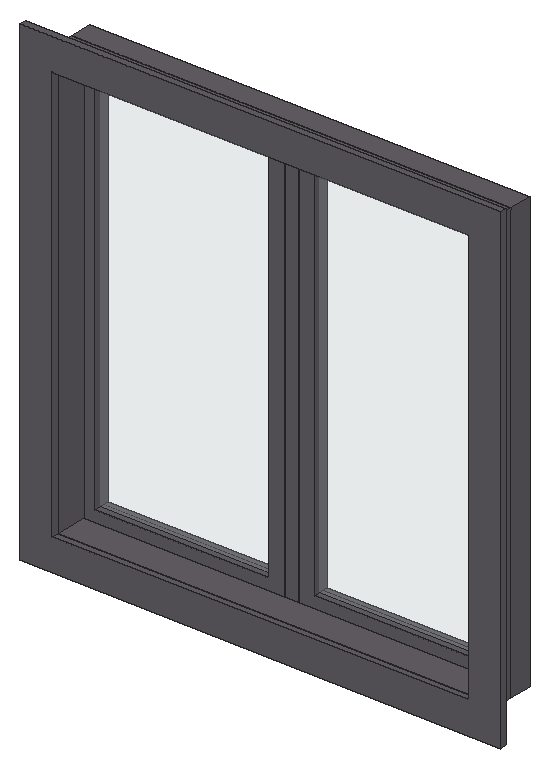
Revit family "NO TRIM SLIDER", category Windows, host Wall, Revit 2022
Family settings
  Host = Wall
  OmniClass Number = 23.30.20.17.21.14
  OmniClass Title = Casement Windows
  Always vertical = Yes
  Cut with Voids When Loaded = No
  Shared = No
  Room Calculation Point = No
Parameters (values of type "48" x 48"")
  WidthReal = Width / 1' 0"  # 4
  WidthInches = rounddown(12 * (WidthReal - WidthFeet))  # 0
  WidthFeet = rounddown(WidthReal)  # 4
  Visual Light Transmittance = 0.9
  Thermal Resistance (R) = 1.53941 (h·ft²·°F)/BTU
  Solar Heat Gain Coefficient = 0.78
  Model = "A272"
  Manufacturer = "ALPINE"
  HeightReal = Height / 1' 0"  # 4
  HeightInches = rounddown(12 * (HeightReal - HeightFeet))  # 0
  HeightFeet = rounddown(HeightReal)  # 4
  Direction [instance] = yes
  Description = ""
  Define Thermal Properties by = Schematic Type
  Construction Type Id = "GSP4R"
  Heat Transfer Coefficient (U) = 0.6496 BTU/(h·ft²·°F)
  Assembly Code = "B2020100"
  Glass Pane Material = Glass
  Height = 4' - 0"
  Sash Material = Metal - Black Matte
  Default Sill Height = 3' - 0"
  Trim Exterior Material = Wood - Matte Black
  Trim Interior Material = Wood - Matte Black
  Trim Projection - Ext. = 0' - 0 1/2"
  Trim Projection - Int. = 0' - 0 3/4"
  Trim Width - Exterior = 0' - 5 1/2"
  Trim Width - Interior = 0' - 3 1/2"
  Wall Closure = By host
  Width = 4' - 0"
  Window Inset = 0' - 0 3/4"
  Analytic Construction = "1/8 in Pilkington single glazing"
Reference planes (in)
  plane 1: y = 0
  plane 2: z = 0
  plane 3 "Center": x = 0
  plane 4 "Left": x = -24
  plane 5 "Right": x = 24
  plane 6 "Sill": z = 36
  plane 7 "Top": z = 84
  plane 8: y = 3.75
  plane 9: y = -2.25
  plane 10: y = 3
  plane 11 "Top": z = 60
  plane 12: x = -22.75
  plane 13: x = -28.75
  plane 14: x = -26.25
  plane 15: x = 22.75
  plane 16: x = 28.75
  plane 17: x = 26.25
  plane 18: x = 23.25
  plane 19: x = -23.25
  plane 20: z = 88.75
  plane 21: z = 86.25
  plane 22: z = 83.25
  plane 23: z = 82.75
  plane 24: z = 37.25
  plane 25: z = 33.75
  plane 26 "Closure": y = 1.875
  plane 27: y = 5.75
  plane 28: z = 90.75
  plane 29: x = 30.75
  plane 30: x = -30.75
Forms (in)
  Extrusion 1, solid, material "Metal - Black Matte" <- "Sash Material"
    sketch origin (0, 0, 0) x (1, 0, 0) y (0, 0, 1)
      loop
        line (-24, 84) -> (-24, 36) -> (24, 36) -> (24, 84) -> (-24, 84)
      loop
        line (-23.25, 83.25) -> (-23.25, 36.75) -> (23.25, 36.75) -> (23.25, 83.25) -> (-23.25, 83.25)
    from -3.75 to -1.25
  Extrusion 2, solid, material "Metal - Black Matte" <- "Sash Material"
    sketch origin (0, 0, 0) x (-1, 0, 0) y (0, 0, 1)
      loop
        line (-24, 84) -> (-24, 36) -> (24, 36) -> (24, 84) -> (-24, 84)
      loop
        line (-22.75, 82.75) -> (-22.75, 37.25) -> (22.75, 37.25) -> (22.75, 82.75) -> (-22.75, 82.75)
    from 1.25 to -2.25
  Extrusion 3, solid, material "Metal - Black Matte" <- "Sash Material"
    sketch origin (0, 0, 0) x (-1, 0, 0) y (0, 0, 1)
      loop
        line (0.75, 83.25) -> (0.75, 36.75) -> (23.25, 36.75) -> (23.25, 83.25) -> (0.75, 83.25)
      loop
        line (2.5, 81.5) -> (2.5, 38.5) -> (21.5, 38.5) -> (21.5, 81.5) -> (2.5, 81.5)
    from 1.25 to 3
  Extrusion 4, solid, material "Glass" <- "Glass Pane Material"
    sketch origin (-4.9201, 0, -4.60771) x (1, 0, 0) y (0, 0, 1)
      loop
        line (-16.5799, 86.10771) -> (-16.5799, 43.10771) -> (2.4201, 43.10771) -> (2.4201, 86.10771) -> (-16.5799, 86.10771)
    from -2.375 to -1.875
  Extrusion 5, solid, material "Wood - Matte Black" <- "Trim Interior Material"
    sketch origin (0, 0, 0) x (1, 0, 0) y (0, 0, 1)
      loop
        line (-22.75, 82.75) -> (-22.75, 37.25) -> (22.75, 37.25) -> (22.75, 82.75) -> (-22.75, 82.75)
      loop
        line (-26.25, 86.25) -> (-26.25, 33.75) -> (26.25, 33.75) -> (26.25, 86.25) -> (-26.25, 86.25)
    from 2.25 to 3
  Extrusion 6, solid, material "Metal - Black Matte" <- "Sash Material"
    sketch origin (0, 0, 0) x (1, 0, 0) y (0, 0, 1)
      loop
        line (-0.75, 83.25) -> (-0.75, 36.75) -> (0.75, 36.75) -> (0.75, 83.25) -> (-0.75, 83.25)
    from -3.75 to -1.25
  Extrusion 7, solid, material "Metal - Black Matte" <- "Sash Material"
    sketch origin (0, 0, 0) x (-1, 0, 0) y (0, 0, 1)
      loop
        line (-23.25, 83.25) -> (-23.25, 36.75) -> (-0.75, 36.75) -> (-0.75, 83.25) -> (-23.25, 83.25)
      loop
        line (-21.5, 81.5) -> (-21.5, 38.5) -> (-2.5, 38.5) -> (-2.5, 81.5) -> (-21.5, 81.5)
    from 1.25 to 3
  Extrusion 8, solid, material "Metal - Black Matte" <- "Sash Material"
    sketch origin (-24, 0, 0) x (-1, 0, 0) y (0, 0, 1)
      loop
        line (-23.25, 83.25) -> (-23.25, 36.75) -> (-0.75, 36.75) -> (-0.75, 83.25) -> (-23.25, 83.25)
      loop
        line (-21.5, 81.5) -> (-21.5, 38.5) -> (-2.5, 38.5) -> (-2.5, 81.5) -> (-21.5, 81.5)
    from 1.25 to 3
  Extrusion 9, solid, material "Glass" <- "Glass Pane Material"
    sketch origin (19.0799, 0, -4.60771) x (1, 0, 0) y (0, 0, 1)
      loop
        line (-16.5799, 86.10771) -> (-16.5799, 43.10771) -> (2.4201, 43.10771) -> (2.4201, 86.10771) -> (-16.5799, 86.10771)
    from -2.375 to -1.875
Lines and regions (in)
  Opening 1
    outline origin (-60, -2.25, 0) x (1, 0, 0) y (0, 0, 1)
      loop
        line (36, 84) -> (36, 36) -> (84, 36) -> (84, 84) -> (36, 84)
  Masking region 1
    outline origin (0, 0, 0) x (1, 0, 0) y (0, 1, 0)
      loop
        line (-24, 5.75) -> (-24, -2.25) -> (24, -2.25) -> (24, 5.75) -> (-24, 5.75)
  symbolic lines, style "WindowsFrameMullionProjection"
    curve 1: line (-24, 3.75, 0) -> (-23.25, 3.75, 0)
    curve 2: line (-23.25, 1.25, 0) -> (-23.25, 3.75, 0)
    curve 3: line (-23.25, 1.25, 0) -> (-22.75, 1.25, 0)
    curve 4: line (-22.75, -2.25, 0) -> (-22.75, 1.25, 0)
    curve 5: line (24, 3.75, 0) -> (23.25, 3.75, 0)
    curve 6: line (22.75, 1.25, 0) -> (22.75, -2.25, 0)
    curve 7: line (23.25, 1.25, 0) -> (23.25, 3.75, 0)
    curve 8: line (-23.25, 3, 0) -> (-21.5, 3, 0)
    curve 9: line (-23.25, 3, 0) -> (-23.25, 1.25, 0)
    curve 10: line (-23.25, 1.25, 0) -> (-21.5, 1.25, 0)
    curve 11: line (-21.5, 3, 0) -> (-21.5, 1.25, 0)
    curve 12: line (23.25, 3, 0) -> (21.5, 3, 0)
    curve 13: line (23.25, 3, 0) -> (23.25, 1.25, 0)
    curve 14: line (23.25, 1.25, 0) -> (21.5, 1.25, 0)
    curve 15: line (21.5, 3, 0) -> (21.5, 1.25, 0)
    curve 16: line (-22.75, -2.25, 0) -> (-24, -2.25, 0)
    curve 17: line (22.75, -2.25, 0) -> (24, -2.25, 0)
    curve 18: line (-0.75, 3.75, 0) -> (0.75, 3.75, 0)
    curve 19: line (-0.75, 3.75, 0) -> (-0.75, 1.25, 0)
    curve 20: line (-0.75, 1.25, 0) -> (0.75, 1.25, 0)
    curve 21: line (0.75, 3.75, 0) -> (0.75, 1.25, 0)
    curve 22: line (-2.5, 3, 0) -> (-0.75, 3, 0)
    curve 23: line (-2.5, 3, 0) -> (-2.5, 1.25, 0)
    curve 24: line (-2.5, 1.25, 0) -> (-0.75, 1.25, 0)
    curve 25: line (-0.75, 3, 0) -> (-0.75, 1.25, 0)
    curve 26: line (2.5, 3, 0) -> (0.75, 3, 0)
    curve 27: line (2.5, 3, 0) -> (2.5, 1.25, 0)
    curve 28: line (2.5, 1.25, 0) -> (0.75, 1.25, 0)
    curve 29: line (0.75, 3, 0) -> (0.75, 1.25, 0)
    curve 30: line (2.5, 2.87095, 0) -> (21.5, 2.87095, 0)
    curve 31: line (2.5, 1.37905, 0) -> (21.5, 1.37905, 0)
    curve 32: line (-21.5, 2.87095, 0) -> (-2.5, 2.87095, 0)
    curve 33: line (-21.5, 1.37905, 0) -> (-2.5, 1.37905, 0)
  reference lines
    curve 34: line (12, 3, 81.5) -> (12, 3, 38.5)
  symbolic lines, visible <- "Direction"
    curve 35: line (9.5, 3, 60.00881) -> (5.5, 3, 60.00881)
  symbolic lines, style "Windows", visible <- "Direction"
    curve 36: line (9.44997, 3, 60) -> (18.5, 3, 60)
  symbolic lines, style "InvisibleLines"
    curve 37: line (18.5, 3, 61.93858) -> (18.5, 3, 60)
    curve 38: line (5.5, 3, 64.50881) -> (5.5, 3, 57.1326)
Text (in)
  text "EXTERIOR" at (-56.58296, 30.41546, 0), in view "Floor Line"
  text "INTERIOR" at (-56.58296, -26.23388, 0), in view "Floor Line"
  text "Exterior" at (0, 43.65631, 134.44969), in view "Left"
  text "Exterior" at (0, 18.29385, 125.04747), in view "Right"
Dimensions and locks (in)
  equal spacing: plane 4 "Left", plane 3 "Center", plane 5 "Right"
  "Width": plane 4 "Left" to plane 5 "Right"
  plane 2 to plane 25 to plane 6 "Sill" to plane 11 "Top" to plane 7 "Top" = 2' - 9 3/4", 0' - 2 1/4", 2' - 0", 2' - 0"
  "Window Inset": plane 8 to plane 10
  locked: plane 10 to Extrusion 3 at 1.75
  locked: plane 10 to Extrusion 4 at 0.625
  locked: Extrusion 4 to Extrusion 4 at 0.5
  "Trim Projection - Int.": Extrusion 5 to Extrusion 5
  equal spacing: plane 6 "Sill", plane 11 "Top", plane 7 "Top"
  locked: Extrusion 7 to Extrusion 6 at 0.75
  locked: plane 4 "Left" to plane 19 at 0.75
  locked: plane 18 to plane 5 "Right" at 0.75
  locked: plane 15 to plane 5 "Right" at 1.25
  locked: plane 4 "Left" to plane 12 at 1.25
  locked: plane 22 to plane 7 "Top" at 0.75
  "Trim Width - Exterior": plane 22 to plane 20
  "Trim Width - Exterior": plane 18 to plane 16
  "Trim Width - Exterior": plane 13 to plane 19
  locked: plane 7 "Top" to plane 23 at 1.25
  locked: plane 24 to plane 6 "Sill" at 1.25
  "Trim Width - Interior": plane 21 to plane 23
  "Trim Width - Interior": plane 24 to plane 25
  "Trim Width - Interior": plane 14 to plane 12
  "Trim Width - Interior": plane 15 to plane 17
  "Height": plane 7 "Top" to plane 6 "Sill"
  "Default Sill Height": plane 6 "Sill" to plane 2
  locked: plane 26 "Closure" to plane 10 at 1.125
  curve 37 to Extrusion 7 = 0' - 3"
  equal spacing: Extrusion 7, curve 36, Extrusion 7
  curve 38 to Extrusion 7 = 0' - 3"
  plane 18 to plane 16 = 0' - 5 1/2"
  locked: Extrusion 9 to Extrusion 9 at 0.5
  aligned and locked: plane 7 "Top" to Opening 1 sketch curve
  aligned and locked: plane 6 "Sill" to Opening 1 sketch curve  (x2)
  aligned and locked: plane 5 "Right" to Opening 1 sketch curve
  aligned and locked: plane 4 "Left" to Opening 1 sketch curve
  aligned and locked: plane 9 to host wall
  aligned and locked: host wall to Extrusion 2
  aligned and locked: plane 10 to Extrusion 3
  aligned and locked: plane 8 to host wall
  aligned and locked: host wall to Extrusion 1
  aligned and locked: Extrusion 2 to Extrusion 1
  aligned and locked: Extrusion 1 to Extrusion 3
  aligned and locked: Extrusion 4 sketch curve to Extrusion 3  (x4)
  aligned and locked: Extrusion 1 to curve 10
  aligned and locked: Extrusion 5 sketch curve to Extrusion 2  (x4)
  aligned and locked: Extrusion 5 to host wall
  aligned and locked: Extrusion 1 to Extrusion 6 sketch curve  (x2)
  aligned and locked: Extrusion 3 sketch curve to Extrusion 6
  aligned and locked: Extrusion 7 sketch curve to Extrusion 1  (x2)
  aligned and locked: Extrusion 7 sketch curve to Extrusion 6  (x2)
  aligned and locked: Extrusion 1 to Extrusion 6
  aligned and locked: Extrusion 7 to Extrusion 3
  aligned and locked: Extrusion 1 to Extrusion 7
  aligned and locked: curve 18 to Extrusion 6  (x2)
  aligned and locked: curve 21 to Extrusion 6  (x2)
  aligned and locked: curve 15 to Extrusion 7
  aligned and locked: Extrusion 1 to curve 13
  aligned and locked: Extrusion 2 to curve 6
  aligned and locked: curve 7 to Extrusion 1
  aligned and locked: Extrusion 2 to curve 17
  aligned and locked: curve 11 to Extrusion 3
  aligned and locked: Extrusion 3 to curve 9
  aligned and locked: curve 2 to Extrusion 1
  aligned and locked: curve 1 to Extrusion 1
  aligned and locked: curve 14 to Extrusion 1
Automatic sketch dimensions
  curve 1 to plane 4 "Left" = 0' - 0"
  host wall to curve 16 = 0' - 0"
  curve 16 to plane 4 "Left" = 0' - 0"
  curve 3 to plane 12 = 0' - 0"
  curve 22 to plane 10 = 0' - 0"
  curve 26 to plane 10 = 0' - 0"
  curve 17 to plane 5 "Right" = 0' - 0"
  curve 5 to host wall = 0' - 0"
  curve 5 to plane 5 "Right" = 0' - 0"
  curve 15 to plane 10 = 0' - 0"
  curve 11 to plane 10 = 0' - 0"
  curve 24 to curve 19 = 0' - 1 3/4"
  curve 20 to curve 27 = 0' - 1 3/4"
  curve 23 to curve 33 = 0' - 0.12905"
  curve 14 to curve 31 = 0' - 0.12905"
  curve 32 to curve 8 = 0' - 0.12905"
  curve 30 to curve 12 = 0' - 0.12905"
  plane 4 "Left" to Extrusion 1 sketch curve = 0' - 0"
  plane 19 to Extrusion 1 sketch curve = 0' - 0"
  plane 18 to Extrusion 1 sketch curve = 0' - 0"
  plane 5 "Right" to Extrusion 1 sketch curve = 0' - 0"
  Extrusion 1 sketch curve to plane 6 "Sill" = 0' - 0"
  Extrusion 1 sketch curve to plane 22 = 0' - 0"
  Extrusion 1 sketch curve to plane 7 "Top" = 0' - 0"
  plane 24 to Extrusion 1 sketch curve = 0' - 0 1/2"
  plane 5 "Right" to Extrusion 2 sketch curve = 0' - 0"
  plane 15 to Extrusion 2 sketch curve = 0' - 0"
  plane 12 to Extrusion 2 sketch curve = 0' - 0"
  plane 4 "Left" to Extrusion 2 sketch curve = 0' - 0"
  Extrusion 2 sketch curve to plane 6 "Sill" = 0' - 0"
  Extrusion 2 sketch curve to plane 24 = 0' - 0"
  Extrusion 2 sketch curve to plane 23 = 0' - 0"
  Extrusion 2 sketch curve to plane 7 "Top" = 0' - 0"
  plane 19 to Extrusion 3 sketch curve = 0' - 0"
  Extrusion 3 sketch curve to plane 22 = 0' - 0"
  Extrusion 3 sketch curve to Extrusion 3 sketch curve = 0' - 1 3/4"
  Extrusion 3 sketch curve to plane 12 = 0' - 1 1/4"
  plane 23 to Extrusion 3 sketch curve = 0' - 1 1/4"
  Extrusion 3 sketch curve to plane 24 = 0' - 1 1/4"
  plane 24 to Extrusion 3 sketch curve = 0' - 0 1/2"
  plane 14 to Extrusion 5 sketch curve = 0' - 0"
  plane 17 to Extrusion 5 sketch curve = 0' - 0"
  Extrusion 5 sketch curve to plane 25 = 0' - 0"
  Extrusion 5 sketch curve to plane 21 = 0' - 0"
  Extrusion 6 sketch curve to plane 3 "Center" = 0' - 0 3/4"
  plane 3 "Center" to Extrusion 6 sketch curve = 0' - 0 3/4"
  plane 15 to Extrusion 7 sketch curve = 0' - 1 1/4"
  Extrusion 7 sketch curve to Extrusion 7 sketch curve = 0' - 1 3/4"
  Extrusion 7 sketch curve to plane 24 = 0' - 1 1/4"
  plane 23 to Extrusion 7 sketch curve = 0' - 1 1/4"
  Extrusion 8 sketch curve to plane 22 = 0' - 0"
  plane 19 to Extrusion 8 sketch curve = 0' - 0"
  Extrusion 8 sketch curve to plane 12 = 0' - 1 1/4"
  Extrusion 8 sketch curve to plane 3 "Center" = 0' - 2 1/2"
  Extrusion 8 sketch curve to plane 3 "Center" = 0' - 0 3/4"
  plane 23 to Extrusion 8 sketch curve = 0' - 1 1/4"
  Extrusion 8 sketch curve to plane 24 = 0' - 1 1/4"
  plane 24 to Extrusion 8 sketch curve = 0' - 0 1/2"
  host wall to Masking region 1 sketch curve = 0' - 0"
  Masking region 1 sketch curve to plane 4 "Left" = 0' - 0"
  Masking region 1 sketch curve to plane 5 "Right" = 0' - 0"
  Masking region 1 sketch curve to plane 27 = 0' - 0"
  curve 34 to curve 34 = 3' - 7"
  curve 35 to curve 35 = 0' - 4"
  curve 35 to curve 36 = 0' - 0.05003"
  curve 38 to curve 36 = 0' - 2.8674"
  curve 38 to curve 35 = 0' - 2.87621"
  curve 36 to curve 37 = 0' - 1.93858"
  curve 35 to curve 38 = 0' - 4 1/2"
  plane 3 "Center" to Extrusion 9 sketch curve = 0' - 2 1/2"
  plane 15 to Extrusion 9 sketch curve = 0' - 1 1/4"
  Extrusion 9 sketch curve to plane 24 = 0' - 1 1/4"
  plane 23 to Extrusion 9 sketch curve = 0' - 1 1/4"
